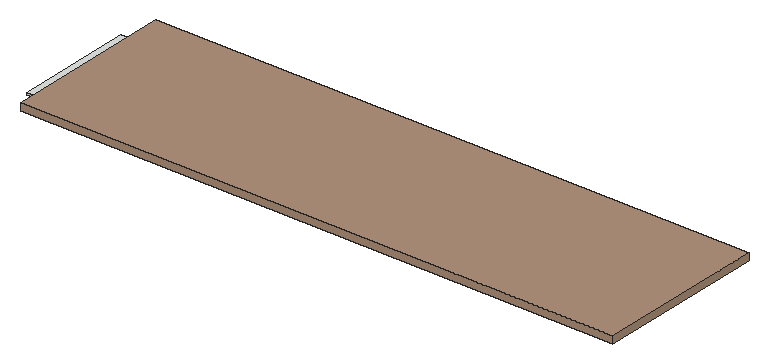
Revit family "Workstations-Multi_Level-Teknion-B_MBH_Overlapping_Bridge_High_Secondary_Desk-R2019", category Furniture, Revit 2019
Family settings
  OmniClass Number = 23.40.20.00
  OmniClass Title = General Furniture and Specialties
  Work Plane-Based = No
  Always vertical = Yes
  Cut with Voids When Loaded = No
  Shared = Yes
  Room Calculation Point = No
Parameters (values of type "1" Thick WS, 24" Depth")
  Worksurface Thickness = 1.01575"
  Worksurface Finish [instance] = Source Laminate - Teknion - 3M - Provincial Oak (Cross Grain)
  Width [instance] = 84.000"
  Warranty = "http://www.teknion.com/ca/papers/legal-canada"
  Unit Weight URL = "http://www.teknion.com/ca/tools/assets#&asset=bee6a381-b954-425e-8283-5a2de3a804f2,f828d448-4b62-4231-9e5f-9a8991c0ed77"
  URL = "www.teknion.com"
  To render please download texture images found here [instance] = "https://assets.teknion.com/web/5e81352c1dfdb467/revit-material-swatches/"
  Sustainability Data = "https://www.teknion.com/ca/tools/assets#&topic=216f99a5-57a0-44fc-b10a-9dee9b29ae4c&asset=444deb64-fe58-4b68-981e-f75e97781df7,b4ff2d81-9f2e-437d-9659-7cffb09c31cf"
  Suspended Modesty Panel Options [instance] = "Please choose one of the following options below."  # constant formula
  Suspended Modesty Panel - Solid Finish [instance] = Veneer-Teknion-5T-Flintwood-White_Truffle (Long Grain)
  Suspended Modesty Panel - Solid [instance] = no
  Suspended Modesty Panel - Metal Finish [instance] = Paint-Teknion-20-T-Foundation-Atrium White
  Suspended Modesty Panel - Metal [instance] = no
  Suspended Modesty Panel - Glass Hardware Finish [instance] = Paint - Teknion - Mica - Very White
  Suspended Modesty Panel - Glass Finish [instance] = Glass - Teknion - FT - Frosted Glass
  Suspended Modesty Panel - Glass [instance] = no
  Suspended Modesty Panel - Felt Finish [instance] = Fabric-Teknion-RB13-Carrera
  Suspended Modesty Panel - Felt [instance] = no
  Suspended Modesty Height Options [instance] = "Select one of the options below."  # constant formula
  Series = "Expansion Casegoods"  # constant formula
  Product Page URL = "https://www.teknion.com/ca/products/product-details?productLineId=0053336e-8e7a-673b-a6c8-ff00004460c4"
  Product Line = "Expansion Casegoods"  # constant formula
  Product Documentation Link = "https://www.teknion.com/pricing/expansion-casegoods/pdfs/B_MBH_ppg.pdf"
  Part Number = "B_MBH"  # constant formula
  Panel Offset [instance] = if([Connects to 20" Depth High Secondary Desk], 22.000", 26.000")  # 26.000"
  Panel Height [instance] = if([10" Height Suspended Modesty Panel], 10.009", 6.636")  # 10.009"
  No Grommet Option [instance] = not(Centered Rectangular Grommet)  # yes
  Model = "BDMBH24___"
  Manufacturer Phone = "416-661-3370"  # constant formula
  Manufacturer Fax = "416.661.4586"  # constant formula
  Manufacturer Contact Information = "http://www.teknion.com/ca/contactus"
  Manufacturer Address = "1150 Flint Road, Toronto, ON. M3J 2J5. Canada"  # constant formula
  Manufacturer = "Teknion"  # constant formula
  How To Use Teknion Materials User Guide [instance] = "https://assets.teknion.com/m/205dd0a49fa58060/original/How-to-add-a-Material-Library-and-Texture-Images-to-your-Revit-project.pdf"
  Hardware Finish [instance] = Paint - Teknion - Foundation - Crisp Grey
  Grommet Option Note [instance] = "Please choose one of the following options below."  # constant formula
  Grommet Finish [instance] = Paint - Teknion - Mica - Anthracite
  For Additional Finishes please visit [instance] = "https://assets.teknion.com/m/44a8009b046e5d47/original/Teknion_Materials_Library.zip"
  Description = "Overlapping Bridge – High Secondary Desk, 1\" Worksurface Thickness, 24\" Depth"
  Depth = 24.000"
  Connection to Secondary Desk Note [instance] = "Please choose one of the following options below."  # constant formula
  Connects to 24" Depth High Secondary Desk [instance] = not([Connects to 20" Depth High Secondary Desk])  # yes
  Connects to 20" Depth High Secondary Desk [instance] = no
  Centered Rectangular Grommet [instance] = no
  Available Widths [instance] = "60, 66, 72, 78, or 84 inches."  # constant formula
  Assembly Code = "E2020200"
  6" Height Suspended Modesty Panel [instance] = not([10" Height Suspended Modesty Panel])  # no
  10" Height Suspended Modesty Panel [instance] = yes
Types (7): name | Worksurface Thickness | Width | Panel Offset | Model | Description | Depth | Connects to 24" Depth High Secondary Desk | Connects to 20" Depth High Secondary Desk
  (no name) | 1.01575" | 84.000" | 26.000" | "BDMBH24___" | "Overlapping Bridge – High Secondary Desk, 1\" Worksurface Thickness, 24\" Depth" | 24.000" | yes | no
  1" Thick WS, 24" Depth | 1.01575" | 84.000" | 26.000" | "BDMBH24___" | "Overlapping Bridge – High Secondary Desk, 1\" Worksurface Thickness, 24\" Depth" | 24.000" | yes | no
  1" Thick WS, 30" Depth | 1.01575" | 60.000" | 22.000" | "BDMBH30___" | "Overlapping Bridge – High Secondary Desk, 1\" Worksurface Thickness, 30\" Depth" | 30.000" | no | yes
  1-3/16" Thick WS, 24" Depth | 1.189" | 84.000" | 22.000" | "BMMBH24___" | "Overlapping Bridge – High Secondary Desk, 1-3/16\" Worksurface Thickness, 24\" Depth" | 24.000" | no | yes
  1-3/16" Thick WS, 30" Depth | 1.189" | 60.000" | 22.000" | "BMMBH30___" | "Overlapping Bridge – High Secondary Desk, 1-3/16\" Worksurface Thickness, 30\" Depth" | 30.000" | no | yes
  1-9/16" Thick WS, 30" Depth | 1.555" | 60.000" | 22.000" | "BXMBH30___" | "Overlapping Bridge – High Secondary Desk, 1-9/16\" Worksurface Thickness, 30\" Depth" | 30.000" | no | yes
  1-9/16" Thick WS, 24" Depth | 1.555" | 60.000" | 22.000" | "BXMBH24___" | "Overlapping Bridge – High Secondary Desk, 1-9/16\" Worksurface Thickness, 24\" Depth" | 24.000" | no | yes
Reference planes (in)
  plane 1 "Center Front/Back": y = -4.49121
  plane 2: z = 0
  plane 3 "Center Left/Right": x = -3.49572
  plane 4 "Left": x = -45.49572
  plane 5 "Right": x = 38.50428
  plane 6 "Back": y = 7.50879
  plane 7 "Front": y = -16.49121
  plane 8 "Top": z = 28.82283
  plane 9: z = 27.80709
  plane 10 "Panel Ref Level Plane": y = 0.99979
  plane 11: x = 12.50428
  plane 12: z = 17.79809
Forms (in)
  Sweep 1, solid, material "Source Laminate - Teknion - 3M - Provincial Oak (Cross Grain)" <- "Worksurface Finish"
    path origin (0, -4.49121, 0) x (1, 0, 0) y (0, 0, 1)
      loop
        line (-3.49572, 28.82283) -> (-3.49572, 27.80709)
    profile origin (-3.49572, -4.49121, 28.31496) x (0, -1, 0) y (1, 0, 0)
      loop
        line (-12, -42) -> (12, -42) -> (12, 42) -> (-12, 42) -> (-12, -42)
  Sweep 2, solid, material "Paint - Teknion - Foundation - Crisp Grey" <- "Hardware Finish"
    path origin (0, -4.49121, 0) x (1, 0, 0) y (0, 0, 1)
      loop
        line (-45.49572, 27.61909) -> (-45.49572, 27.80709)
    profile origin (-45.49572, -4.49121, 27.71309) x (-1, 0, 0) y (0, -1, 0)
      loop
        line (2, -8.375) -> (2, 8.375) -> (-2, 8.375) -> (-2, -8.375) -> (2, -8.375)
  Sweep 3, solid, material "Paint - Teknion - Mica - Anthracite" <- "Grommet Finish", visible <- "Centered Rectangular Grommet"
    path origin (0, -4.49121, 0) x (1, 0, 0) y (0, 0, 1)
      loop
        line (-3.49572, 28.82283) -> (-3.49572, 28.98031)
    profile origin (-3.49572, -4.49121, 28.90157) x (-1, 0, 0) y (0, -1, 0)
      loop
        line (-0.47893, -7.43505) -> (-0.47893, -8.64441) -> (1.79967, -8.64441) -> (1.79967, -9.06976) -> (-0.47893, -9.06976) -> (-0.47893, -10.27912) -> (3.32716, -10.27912) -> (3.32716, -7.43505) -> (-0.47893, -7.43505)
  Sweep 4, solid, material "Paint - Teknion - Mica - Anthracite" <- "Grommet Finish", visible <- "Centered Rectangular Grommet"
    path origin (0, -4.49121, 0) x (1, 0, 0) y (0, 0, 1)
      loop
        line (-1.90122, 28.82283) -> (-1.90122, 28.98031)
    profile origin (-1.90122, -4.49121, 28.90157) x (-1, 0, 0) y (0, -1, 0)
      loop
        line (1.11458, -10.27912) -> (1.11458, -7.43505) -> (-1.73265, -7.43505) -> (-1.73265, -10.27912) -> (1.11458, -10.27912)
  Sweep 5, solid, material "Veneer-Teknion-5T-Flintwood-White_Truffle (Long Grain)" <- "Suspended Modesty Panel - Solid Finish", visible <- "Suspended Modesty Panel - Solid"
    path origin (18.54321, 17.78974, -0.36198) x (1, 0, 0) y (0, 1, 0)
      loop
        line (-64.03893, -33.24036) -> (-6.03893, -33.24036)
    profile origin (-16.49572, -15.45062, -0.36198) x (0, 1, 0) y (0, 0, 1)
      loop
        line (16.95829, 28.16906) -> (15.94254, 28.16906) -> (15.94254, 18.16006) -> (16.95829, 18.16006) -> (16.95829, 28.16906)
  Sweep 6, solid, material "Paint - Teknion - Foundation - Ebony", visible <- "Suspended Modesty Panel - Felt"
    path origin (-17.09445, -22.07012, -0.36198) x (-1, 0, 0) y (0, -1, 0)
      loop
        line (-29.59873, -6.6205) -> (28.40127, -6.6205)
    profile origin (-16.49572, -15.44962, -0.36198) x (0, -1, 0) y (0, 0, 1)
      loop
        line (-16.68269, 18.16006) -> (-16.63545, 18.16006) -> (-16.63545, 28.12153) -> (-16.09214, 28.12153) -> (-16.09214, 27.53885) -> (-16.0449, 27.53885) -> (-16.0449, 28.16877) -> (-16.68269, 28.16877) -> (-16.68269, 18.16006)
  Sweep 7, solid, material "Fabric-Teknion-RB13-Carrera" <- "Suspended Modesty Panel - Felt Finish", visible <- "Suspended Modesty Panel - Felt"
    path origin (-17.09445, -22.07012, -0.36198) x (-1, 0, 0) y (0, -1, 0)
      loop
        line (-29.59873, -6.6205) -> (28.40127, -6.6205)
    profile origin (-16.49572, -15.44962, -0.36198) x (0, -1, 0) y (0, 0, 1)
      loop
        line (-16.35986, 27.57805) -> (-16.63545, 27.57805) -> (-16.63545, 18.16006) -> (-16.35986, 18.16006) -> (-16.35986, 27.57805)
      loop
        line (-16.68269, 18.16006) -> (-16.68269, 27.57805) -> (-16.95829, 27.57805) -> (-16.95829, 18.16006) -> (-16.68269, 18.16006)
  Sweep 8, solid, material "Glass - Teknion - FT - Frosted Glass" <- "Suspended Modesty Panel - Glass Finish", visible <- "Suspended Modesty Panel - Glass"
    path origin (-18.59445, -22.07012, -0.36198) x (-1, 0, 0) y (0, -1, 0)
      loop
        line (-31.09873, -6.6205) -> (26.90127, -6.6205)
    profile origin (-16.49572, -15.44962, -0.36198) x (0, -1, 0) y (0, 0, 1)
      loop
        line (-16.72207, 28.16906) -> (-16.95829, 28.16906) -> (-16.95829, 18.16006) -> (-16.72207, 18.16006) -> (-16.72207, 28.16906)
  Sweep 9, solid, material "Paint - Teknion - Mica - Very White" <- "Suspended Modesty Panel - Glass Hardware Finish", visible <- "Suspended Modesty Panel - Glass"
    path origin (-18.59445, -22.07012, -0.36198) x (-1, 0, 0) y (0, -1, 0)
      loop
        line (-31.09873, -6.6205) -> (26.90127, -6.6205)
    profile origin (-16.49572, -15.44962, -0.36198) x (0, -1, 0) y (0, 0, 1)
      loop
        line (-16.3323, 28.0546) -> (-16.72207, 28.0546) -> (-16.72207, 26.86562) -> (-16.3323, 26.86562) -> (-16.3323, 28.0546)
  Sweep 10, solid, material "Paint-Teknion-20-T-Foundation-Atrium White" <- "Suspended Modesty Panel - Metal Finish", visible <- "Suspended Modesty Panel - Metal"
    path origin (18.54321, 17.78974, -0.36198) x (1, 0, 0) y (0, 1, 0)
      loop
        line (-64.03893, -30.24036) -> (-6.03893, -30.24036)
    profile origin (-16.49572, -12.45062, -0.36198) x (0, 1, 0) y (0, 0, 1)
      loop
        line (13.95829, 28.16906) -> (12.94254, 28.16906) -> (12.94254, 18.16006) -> (13.95829, 18.16006) -> (13.95829, 28.16906)
  Sweep 11, void
    path origin (0, 0, 0) x (1, 0, 0) y (0, 1, 0)
      loop
        line (32.90555, 0.49192) -> (32.90555, 1.45966)
    profile origin (32.90555, 0.97579, 0) x (-1, 0, 0) y (0, 0, 1)
      loop
        line (77.25727, 26.03548) -> (21.54527, 26.03548) -> (21.54527, 19.05793) -> (77.25727, 19.05793) -> (77.25727, 26.03548)
Cuts and joins
  Sweep 11 cuts Sweep 10
Lines and regions (in)
  Masking region 1
    outline origin (0, 0, 0) x (1, 0, 0) y (0, 1, 0)
      loop
        line (-45.49572, 7.50879) -> (-45.49572, -16.49121) -> (38.50428, -16.49121) -> (38.50428, 7.50879) -> (-45.49572, 7.50879)
  symbolic lines, visible <- "Centered Rectangular Grommet"
    curve 1: line (-3.01579, 5.78791, 0) -> (-6.82288, 5.78791, 0)
    curve 2: line (-6.82288, 5.78791, 0) -> (-6.82288, 2.94385, 0)
    curve 3: line (-6.82288, 2.94385, 0) -> (-3.01579, 2.94385, 0)
    curve 4: line (-5.29539, 4.57855, 0) -> (-3.01579, 4.57855, 0)
    curve 5: line (-5.29539, 4.1532, 0) -> (-5.29539, 4.57855, 0)
    curve 6: line (-3.01579, 4.1532, 0) -> (-5.29539, 4.1532, 0)
    curve 7: line (-3.01579, 5.78791, 0) -> (-3.01579, 2.94385, 0)
    curve 8: line (-0.16856, 5.78791, 0) -> (-3.01579, 5.78791, 0)
    curve 9: line (-0.16856, 2.94385, 0) -> (-0.16856, 5.78791, 0)
    curve 10: line (-3.01579, 2.94385, 0) -> (-0.16856, 2.94385, 0)
  symbolic lines, style "FurnitureHiddenLines", detail levels medium+fine
    curve 11: line (-47.49572, 3.88379, 0) -> (-47.49572, -12.86621, 0)
    curve 12: line (-43.49572, 3.88379, 0) -> (-47.49572, 3.88379, 0)
    curve 13: line (-43.49572, -12.86621, 0) -> (-43.49572, 3.88379, 0)
    curve 14: line (-47.49572, -12.86621, 0) -> (-43.49572, -12.86621, 0)
  reference lines
    curve 15: line (-45.49572, 7.50879, 0) -> (-45.49572, -16.49121, 0)
    curve 16: line (38.50428, 7.50879, 0) -> (38.50428, -16.49121, 0)
  symbolic lines, style "FurnitureHiddenLines", visible <- "Suspended Modesty Panel - Metal", detail levels fine
    curve 17: line (-44.35202, 1.45966, 0) -> (-44.35202, 0.49192, 0)
    curve 18: line (11.36028, 1.45966, 0) -> (-44.35202, 1.45966, 0)
    curve 19: line (11.36028, 0.49192, 0) -> (11.36028, 1.45966, 0)
  symbolic lines, style "FurnitureHiddenLines", visible <- "Suspended Modesty Panel - Solid", detail levels medium+fine
    curve 20: line (-45.49572, 0.49192, 0) -> (12.50428, 0.49192, 0)
    curve 25: line (-45.49572, 0.49192, 0) -> (-45.49572, 1.50766, 0)
    curve 26: line (12.50428, 0.49192, 0) -> (12.50428, 1.50766, 0)
    curve 27: line (-45.49572, 0.49192, 0) -> (12.50428, 0.49192, 0)
    curve 28: line (12.50428, 1.50766, 0) -> (-45.49572, 1.50766, 0)
  symbolic lines, style "FurnitureHiddenLines", visible <- "Suspended Modesty Panel - Metal", detail levels medium+fine
    curve 21: line (-45.49572, 0.49192, 0) -> (-45.49572, 1.50766, 0)
    curve 22: line (12.50428, 1.50766, 0) -> (-45.49572, 1.50766, 0)
    curve 23: line (-45.49572, 0.49192, 0) -> (12.50428, 0.49192, 0)
    curve 24: line (12.50428, 0.49192, 0) -> (12.50428, 1.50766, 0)
  symbolic lines, style "FurnitureHiddenLines", visible <- "Suspended Modesty Panel - Felt", detail levels medium+fine
    curve 29: line (-45.49572, 1.50866, 0) -> (-45.49572, 0.59528, 0)
    curve 30: line (12.50428, 1.50866, 0) -> (-45.49572, 1.50866, 0)
    curve 31: line (12.50428, 1.50866, 0) -> (12.50428, 0.59528, 0)
    curve 32: line (-45.49572, 0.59528, 0) -> (12.50428, 0.59528, 0)
  symbolic lines, style "FurnitureHiddenLines", visible <- "Suspended Modesty Panel - Felt", detail levels fine
    curve 33: line (12.50428, 1.23307, 0) -> (-45.49572, 1.23307, 0)
    curve 34: line (-45.49572, 1.18583, 0) -> (12.50428, 1.18583, 0)
    curve 35: line (-45.49572, 0.91024, 0) -> (12.50428, 0.91024, 0)
  symbolic lines, style "FurnitureHiddenLines", visible <- "Suspended Modesty Panel - Glass", detail levels medium+fine
    curve 36: line (12.50428, 1.50866, 0) -> (-45.49572, 1.50866, 0)
    curve 37: line (12.50428, 1.50866, 0) -> (-45.49572, 1.50866, 0)
    curve 38: line (-45.49572, 1.27244, 0) -> (12.50428, 1.27244, 0)
    curve 39: line (12.50428, 1.50866, 0) -> (12.50428, 1.27244, 0)
    curve 40: line (12.50428, 1.27244, 0) -> (12.50428, 0.88268, 0)
    curve 41: line (-45.49572, 0.88268, 0) -> (12.50428, 0.88268, 0)
    curve 42: line (-45.49572, 1.27244, 0) -> (-45.49572, 0.88268, 0)
Dimensions and locks (in)
  "Width": plane 4 "Left" to plane 5 "Right"
  "Depth": plane 6 "Back" to plane 7 "Front"
  locked: plane 9 to level at 27.80709
  equal spacing: plane 6 "Back", plane 1 "Center Front/Back", plane 7 "Front"
  equal spacing: plane 4 "Left", plane 3 "Center Left/Right", plane 5 "Right"
  "Worksurface Thickness": plane 8 "Top" to plane 9
  locked: plane 9 to Sweep 2 sketch curve at 0.18799
  Sweep 2 sketch curve to plane 4 "Left" to Sweep 2 sketch curve = 2.000" locked, 2.000" locked
  Sweep 2 sketch curve to plane 1 "Center Front/Back" to Sweep 2 sketch curve = 8.375" locked, 8.375" locked
  locked: Sweep 3 sketch curve to plane 8 "Top" at 0.15748
  plane 6 "Back" to Sweep 3 sketch curve to Sweep 3 sketch curve to Sweep 3 sketch curve to Sweep 3 sketch curve = 1.72088" locked, 1.20936" locked, 0.42535" locked, 1.20936" locked
  Sweep 3 sketch curve to Sweep 3 sketch curve to plane 3 "Center Left/Right" to Sweep 3 sketch curve to Sweep 3 sketch curve = 1.52748" locked, 1.79967" locked, 0.47893" locked, 0.000" locked
  locked: Sweep 4 sketch curve to plane 8 "Top" at 0.15748
  plane 3 "Center Left/Right" to Sweep 4 sketch curve to Sweep 4 sketch curve = 0.47993" locked, 2.84723" locked
  plane 6 "Back" to Sweep 4 sketch curve to Sweep 4 sketch curve = 1.72088" locked, 2.84406" locked
  plane 9 to Sweep 6 sketch curve to Sweep 6 sketch curve to Sweep 6 sketch curve = 0.00029" locked, 0.04724" locked, 0.58268" locked
  Sweep 6 sketch curve to Sweep 6 sketch curve to plane 10 "Panel Ref Level Plane" to Sweep 6 sketch curve to Sweep 6 sketch curve = 0.04724" locked, 0.35727" locked, 0.18604" locked, 0.04724" locked
  plane 9 to Sweep 7 sketch curve to Sweep 7 sketch curve = 0.59102" locked, 0.000" locked
  Sweep 9 sketch curve to plane 10 "Panel Ref Level Plane" to Sweep 9 sketch curve = 0.11711" locked, 0.27265" locked
  plane 9 to Sweep 9 sketch curve to Sweep 9 sketch curve = 0.11446" locked, 1.18898" locked
  Sweep 5 sketch curve to plane 10 "Panel Ref Level Plane" to Sweep 5 sketch curve = 0.50787" locked, 0.50787" locked
  Sweep 7 sketch curve to Sweep 7 sketch curve to Sweep 7 sketch curve to plane 10 "Panel Ref Level Plane" to Sweep 7 sketch curve = 0.27559" locked, 0.04724" locked, 0.18604" locked, 0.08955" locked
  plane 10 "Panel Ref Level Plane" to Sweep 8 sketch curve to Sweep 8 sketch curve = 0.27265" locked, 0.23622" locked
  Sweep 10 sketch curve to plane 10 "Panel Ref Level Plane" to Sweep 10 sketch curve = 0.50787" locked, 0.50787" locked
  locked: plane 11 to Sweep 11 sketch curve at 1.144
  curve 37 to curve 38 to plane 10 "Panel Ref Level Plane" to curve 41 = 0.23622" locked, 0.27265" locked, 0.11711" locked
  "Panel Offset": plane 11 to plane 5 "Right"
  Sweep 11 sketch curve to plane 10 "Panel Ref Level Plane" to Sweep 11 sketch curve = 0.45987" locked, 0.50787" locked
  locked: Sweep 11 sketch curve to plane 4 "Left" at 1.144
  locked: Sweep 11 sketch curve to Sweep 10 at 1.25984
  locked: plane 9 to Sweep 11 sketch curve at 1.77161
  "Panel Height": plane 9 to plane 12
  locked: plane 6 "Back" to plane 10 "Panel Ref Level Plane" at 6.509
  aligned and locked: level to plane 2
  aligned and locked: plane 8 "Top" to Sweep 1 sketch curve
  aligned and locked: plane 9 to Sweep 1 sketch curve
  aligned and locked: Sweep 1 sketch curve to plane 4 "Left"
  aligned and locked: plane 6 "Back" to Sweep 1 sketch curve
  aligned and locked: Sweep 1 sketch curve to plane 7 "Front"
  aligned and locked: Sweep 1 sketch curve to plane 5 "Right"
  aligned and locked: plane 9 to Sweep 2 sketch curve
  aligned and locked: plane 8 "Top" to Sweep 3 sketch curve
  aligned and locked: plane 8 "Top" to Sweep 4 sketch curve
  aligned and locked: Masking region 1 sketch curve to plane 4 "Left"
  aligned and locked: Masking region 1 sketch curve to plane 5 "Right"
  aligned and locked: Masking region 1 sketch curve to plane 7 "Front"
  aligned and locked: Masking region 1 sketch curve to plane 6 "Back"
  aligned and locked: curve 1 to Sweep 3
  aligned and locked: curve 2 to Sweep 3
  aligned and locked: curve 3 to Sweep 3
  aligned and locked: curve 4 to Sweep 3
  aligned and locked: curve 5 to Sweep 3
  aligned and locked: curve 6 to Sweep 3
  aligned and locked: curve 7 to Sweep 4
  aligned and locked: curve 8 to Sweep 4
  aligned and locked: curve 9 to Sweep 4
  aligned and locked: curve 10 to Sweep 4
  aligned and locked: curve 11 to Sweep 2
  aligned and locked: curve 12 to Sweep 2
  aligned and locked: curve 13 to Sweep 2
  aligned and locked: curve 14 to Sweep 2
  aligned and locked: curve 15 to plane 4 "Left"
  aligned and locked: curve 16 to plane 5 "Right"
  aligned and locked: plane 6 "Back" to curve 15
  aligned and locked: curve 15 to plane 7 "Front"
  aligned and locked: plane 7 "Front" to curve 16
  aligned and locked: curve 16 to plane 6 "Back"
  aligned and locked: curve 21 to Sweep 5
  aligned and locked: curve 24 to Sweep 5
  aligned and locked: curve 32 to Sweep 6
  aligned and locked: curve 34 to Sweep 6
  aligned and locked: Sweep 7 to curve 35
  aligned and locked: curve 39 to Sweep 8
  aligned and locked: curve 40 to Sweep 9
  aligned and locked: curve 42 to Sweep 9
  aligned and locked: Sweep 10 sketch curve to plane 11
  aligned and locked: Sweep 8 sketch curve to plane 11
  aligned and locked: plane 4 "Left" to Sweep 10 sketch curve
  aligned and locked: Sweep 9 sketch curve to plane 11
  aligned and locked: Sweep 9 sketch curve to plane 4 "Left"
  aligned and locked: Sweep 6 sketch curve to plane 4 "Left"
  aligned and locked: Sweep 6 sketch curve to plane 11
  aligned and locked: Sweep 5 sketch curve to plane 4 "Left"
  aligned and locked: Sweep 5 sketch curve to plane 11
  aligned and locked: Sweep 7 sketch curve to plane 4 "Left"
  aligned and locked: Sweep 7 sketch curve to plane 11
  aligned and locked: Sweep 8 sketch curve to plane 4 "Left"
  aligned and locked: plane 12 to Sweep 8 sketch curve
  aligned and locked: plane 12 to Sweep 10 sketch curve
  aligned and locked: plane 9 to Sweep 10 sketch curve
  aligned and locked: plane 9 to Sweep 8 sketch curve
  aligned and locked: plane 9 to Sweep 5 sketch curve
  aligned and locked: plane 12 to Sweep 5 sketch curve
  aligned and locked: Sweep 7 sketch curve to plane 12
  aligned and locked: plane 12 to Sweep 7 sketch curve
  aligned and locked: plane 12 to Sweep 6 sketch curve
Automatic sketch dimensions
  Sweep 1 sketch curve to plane 3 "Center Left/Right" = 0.000"
  Sweep 2 sketch curve to plane 4 "Left" = 0.000"
  Sweep 3 sketch curve to plane 3 "Center Left/Right" = 0.000"
  plane 3 "Center Left/Right" to Sweep 4 sketch curve = 1.5945"
  Sweep 5 sketch curve to plane 7 "Front" = 1.04059"
  Sweep 6 sketch curve to plane 7 "Front" = 1.04159"
  Sweep 7 sketch curve to plane 7 "Front" = 1.04159"
  Sweep 8 sketch curve to plane 7 "Front" = 1.04159"
  Sweep 9 sketch curve to plane 7 "Front" = 1.04159"
  Sweep 10 sketch curve to plane 7 "Front" = 4.04059"
  plane 10 "Panel Ref Level Plane" to curve 17 = 0.45987"
  curve 18 to plane 11 = 1.144"
  curve 24 to curve 31 = 0.10336"
  curve 39 to curve 38 = 0.000"
  curve 22 to curve 29 = 0.001"
  curve 33 to curve 38 = 0.03937"
  plane 5 "Right" to Sweep 11 sketch curve = 5.59873"
  curve 21 to curve 18 = 1.1437"
  curve 29 to curve 21 = 0.000"
